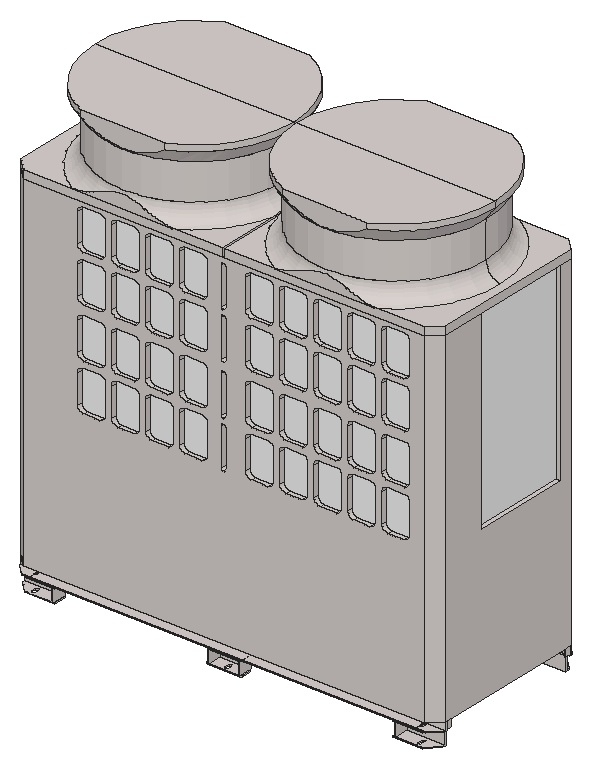
Revit family "PURY-EP500YNW-A1", category 機械設備, Revit 2016 (continued)
Dimensions and locks
  cut or joined group 1 (Extrusion 1, Extrusion 2, Extrusion 3, Extrusion 4, Extrusion 5, Extrusion 6, Extrusion 7, Extrusion 8, Extrusion 9, Extrusion 10, Extrusion 11, Extrusion 12, Extrusion 13, Extrusion 14, Extrusion 15, Extrusion 16, Extrusion 17, Extrusion 18, Extrusion 19, Extrusion 20, Extrusion 21, Extrusion 22, Extrusion 23, Extrusion 24, Extrusion 25, Extrusion 26, Extrusion 27, Extrusion 28, Extrusion 29, Extrusion 30, Extrusion 31, Extrusion 32, Extrusion 33, Extrusion 34, Extrusion 35, Extrusion 36, Extrusion 37, Extrusion 38, Extrusion 39, Extrusion 40, Extrusion 41, Extrusion 42, Extrusion 43, Extrusion 44, Extrusion 45, Extrusion 46, Extrusion 47) to cut or joined group 1 = 50.000 mm
  Extrusion 22 sketch curve to Extrusion 22 sketch curve = 116.800 mm
  Extrusion 22 sketch curve to Extrusion 22 sketch curve = 170.800 mm
  Extrusion 23 sketch curve to Extrusion 23 sketch curve = 116.800 mm
  Extrusion 23 sketch curve to Extrusion 23 sketch curve = 170.800 mm
  Extrusion 24 sketch curve to Extrusion 24 sketch curve = 116.800 mm
  Extrusion 24 sketch curve to Extrusion 24 sketch curve = 170.800 mm
  Extrusion 25 sketch curve to Extrusion 25 sketch curve = 116.800 mm
  Extrusion 25 sketch curve to Extrusion 25 sketch curve = 170.800 mm
  Extrusion 26 sketch curve to Extrusion 26 sketch curve = 116.800 mm
  Extrusion 26 sketch curve to Extrusion 26 sketch curve = 170.800 mm
  Extrusion 27 sketch curve to Extrusion 27 sketch curve = 116.800 mm
  Extrusion 27 sketch curve to Extrusion 27 sketch curve = 170.800 mm
  Extrusion 28 sketch curve to Extrusion 28 sketch curve = 116.800 mm
  Extrusion 28 sketch curve to Extrusion 28 sketch curve = 170.800 mm
  Extrusion 29 sketch curve to Extrusion 29 sketch curve = 116.800 mm
  Extrusion 29 sketch curve to Extrusion 29 sketch curve = 170.800 mm
  Extrusion 30 sketch curve to Extrusion 30 sketch curve = 116.800 mm
  Extrusion 30 sketch curve to Extrusion 30 sketch curve = 170.800 mm
  Extrusion 31 sketch curve to Extrusion 31 sketch curve = 116.800 mm
  Extrusion 31 sketch curve to Extrusion 31 sketch curve = 170.800 mm
  Extrusion 32 sketch curve to Extrusion 32 sketch curve = 116.800 mm
  Extrusion 32 sketch curve to Extrusion 32 sketch curve = 170.800 mm
  Extrusion 33 sketch curve to Extrusion 33 sketch curve = 116.800 mm
  Extrusion 33 sketch curve to Extrusion 33 sketch curve = 170.800 mm
  Extrusion 34 sketch curve to Extrusion 34 sketch curve = 116.800 mm
  Extrusion 34 sketch curve to Extrusion 34 sketch curve = 170.800 mm
  Extrusion 35 sketch curve to Extrusion 35 sketch curve = 116.800 mm
  Extrusion 35 sketch curve to Extrusion 35 sketch curve = 170.800 mm
  Extrusion 36 sketch curve to Extrusion 36 sketch curve = 116.800 mm
  Extrusion 36 sketch curve to Extrusion 36 sketch curve = 170.800 mm
  Extrusion 37 sketch curve to Extrusion 37 sketch curve = 116.800 mm
  Extrusion 37 sketch curve to Extrusion 37 sketch curve = 170.800 mm
  nested 2 to level = 1858.000 mm
  cut or joined group 1 to nested 5 to nested 3 to nested 7 to cut or joined group 1 = 80.000 mm, 795.000 mm, 795.000 mm, 80.000 mm
  cut or joined group 1 to cut or joined group 1 = 740.000 mm
  cut or joined group 1 to curve 7 to curve 5 = 653.000 mm, 150.000 mm
  cut or joined group 1 to curve 4 to curve 6 = 79.000 mm, 94.000 mm
  curve 35 to cut or joined group 1 = 172.000 mm
  curve 34 to cut or joined group 1 = 152.000 mm
  curve 36 to cut or joined group 1 = 216.000 mm
  cut or joined group 1 to curve 35 = 110.000 mm
  cut or joined group 1 to curve 36 = 166.000 mm
  cut or joined group 1 to curve 34 = 185.000 mm
  cut or joined group 1 to curve 16 to curve 18 = 650.000 mm, 148.000 mm
  cut or joined group 1 to curve 24 = 132.000 mm
  cut or joined group 1 to curve 27 = 207.000 mm
  cut or joined group 1 to curve 25 = 256.000 mm
  curve 25 to nested 3 = 90.000 mm
  curve 27 to nested 3 = 125.000 mm
  curve 24 to nested 3 = 110.000 mm
  nested 1 to nested 1 = 740.000 mm
  nested 6 to nested 6 to nested 5 to nested 5 = 60.000 mm, 620.000 mm, 60.000 mm
  nested 3 to nested 3 = 20.000 mm
  nested 3 to plane 6 "front" = 54.000 mm
  nested 4 to nested 3 = 592.000 mm
  nested 4 to nested 4 = 20.000 mm
  plane 5 to nested 4 = 54.000 mm
  Extrusion 46 sketch curve to nested 3 = 116.000 mm
  Extrusion 47 sketch curve to nested 3 = 127.000 mm
  cut or joined group 1 to cut or joined group 1 = 185.000 mm
  cut or joined group 1 to nested 5 = 116.000 mm
  cut or joined group 1 to nested 5 = 127.000 mm
  cut or joined group 1 to plane 11 = 685.000 mm
  cut or joined group 1 to plane 12 = 768.000 mm
  aligned and locked: level to plane 2
  aligned and locked: plane 4 "panel_L" to Extrusion 1
  aligned and locked: Extrusion 1 to plane 5
  aligned and locked: plane 6 "front" to Extrusion 1
  aligned and locked: Extrusion 1 to plane 4 "panel_L"
  aligned and locked: nested 3 to curve 31
Nested families
  nested 1: "FAN GUARD" at (-415, 0, 860), type "FAN GUARD"
    with WIDTH 870.000 mm
  nested 2: "FAN GUARD" at (415, 0, 860) x (-1, 0, 0) z (0, 0, 1), type "FAN GUARD"
    with WIDTH 870.000 mm
  nested 3: "BASE LEG" at (0, -352, 60), type "BASE LEG"
    with Width 1750.000 mm
  nested 4: "BASE LEG" at (0, 352, 60), type "BASE LEG"
    with Width 1750.000 mm
  nested 5: "ATTACHMENT LEG" at (-789, -352, 0), type "ATTACHMENT LEG"
  nested 6: "ATTACHMENT LEG" at (-789, 352, 0), type "ATTACHMENT LEG"
  nested 7: "ATTACHMENT LEG" at (789, -352, 0) x (-1, 0, 0) z (0, 0, 1), type "ATTACHMENT LEG"
  nested 8: "ATTACHMENT LEG" at (789, 352, 0) x (-1, 0, 0) z (0, 0, 1), type "ATTACHMENT LEG"
  nested 9: "ATTACHMENT LEG_XL" at (0, 352, 0) x (-1, 0, 0) z (0, 0, 1), type "ATTACHMENT LEG_XL"
  nested 10: "ATTACHMENT LEG_XL" at (0, -352, 0), type "ATTACHMENT LEG_XL"
Connectors
  electrical at (-233.5, -370, 279), driven by "Phase", driven by "Voltage"
    settings: index 1, voltage 415 V, apparent load 0 VA, apparent load phase1 0 VA, apparent load phase2 0 VA, apparent load phase3 0 VA, power factor 1, load classification "HVAC", number of poles 3, system type 30, power factor state 1, is connector primary yes, connector utility no, sub classification motor no, connector description ""
  piping at (-107, -185, 187), diameter 28.58, driven by "Low pressure pipe_radius"
    settings: on cut or joined group 1, index 2, connector inside diameter 28.58 mm, connector length 0.000 mm, flow factor 0, pipe flow 0.0 L/s, pressure drop 0.0 Pa, fitting loss kfactor 0, connector angle 0.00°, fixture units 0, engagement length 0.000 mm, angle of deflection 0.00°, flow configuration 0, flow direction 0, fitting loss method 0, system type 22, joint type 0, gender type 0, connector reference index -1, connector utility 0, adjustable connector no, is connector primary yes, connector description "Refrigerant service valve <Low pressure>"
  piping at (-190, -185, 176), diameter 22.2, driven by "High pressure pipe_radius"
    settings: on cut or joined group 1, index 3, connector inside diameter 22.2 mm, connector length 0.000 mm, flow factor 0, pipe flow 0.0 L/s, pressure drop 0.0 Pa, fitting loss kfactor 0, connector angle 0.00°, fixture units 0, engagement length 0.000 mm, angle of deflection 0.00°, flow configuration 0, flow direction 0, fitting loss method 0, system type 22, joint type 0, gender type 0, connector reference index -1, connector utility 0, adjustable connector no, is connector primary no, connector description "Refrigerant service valve <High pressure>"
Definition of nested family "FAN GUARD"
  Parameters
    WIDTH [instance] = 870.000 mm
  Reference planes
    plane 1 "中心(正面/背面)": y = 0
    plane 2: z = 0
    plane 3 "中心(左/右)": x = 0
    plane 4 "ファンガード基準面": z = 661
    plane 5: y = 370
    plane 6: y = -370
    plane 7: x = 410
    plane 8: x = -460
    plane 9 "ファンガード基準上面": z = 695
    plane 10 "ファンガード上面": z = 998
    plane 11: x = 410
    plane 12: x = -460
  Forms (mm)
    Extrusion 1, solid
      sketch origin (0, 0, 661) x (-1, 0, 0) y (0, -1, 0)
        loop
          line (410, -370) -> (460, -320) -> (460, 320) -> (410, 370) -> (-410, 370) -> (-410, -370) -> (410, -370)
      from 0 to 34
    Revolve 2, solid
      sketch origin (0, 0, 0) x (1, 0, 0) y (0, 0, 1)
        loop
          line (0, 695) -> (0, 998) -> (-408.829, 998) -> (-408.829, 972.327) -> (-368.829, 915.201) -> (-368.829, 765.141)
          arc (-368.829, 765.141) -> (-384.109, 720.678) -> (-423.494, 695) r 72.332
          line (-423.494, 695) -> (0, 695)
        axis (0, 998) -> (0, 695)
      angle from 0 to 360
    Extrusion 3, void
      sketch origin (0, 0, 695) x (-1, 0, 0) y (0, -1, 0)
        loop
          line (345, -370) -> (-345, -370) -> (-345, -545) -> (345, -545) -> (345, -370)
        loop
          line (345, 370) -> (345, 539.592) -> (-345, 539.592) -> (-345, 370) -> (345, 370)
      from 0 to 400
    Extrusion 4, void
      sketch origin (0, 0, 695) x (-1, 0, 0) y (0, -1, 0)
        loop
          line (-410, -160) -> (-410, 160) -> (-450, 160) -> (-450, -160) -> (-410, -160)
      from 0 to 250
  Cuts and joins
    Extrusion 3, Extrusion 4 cuts Revolve 2
  Lines and regions (mm)
    model lines
      curve 1: line (-408.829, 0, 998) -> (-80, 0, 998)
      curve 2: line (80, 0, 998) -> (408.829, 0, 998)
      curve 3: circle (0, 0, 998) r 80 normal (0, 0, 1)
      curve 4: line (-400, -80, 998) -> (400.925, -80, 998)
      curve 5: line (-376.219, -160, 998) -> (376.219, -160, 998)
      curve 6: line (-330.97, -240, 998) -> (330.97, -240, 998)
      curve 7: line (-254.442, -320, 998) -> (254.442, -320, 998)
      curve 8: line (-400.925, 80, 998) -> (400.925, 80, 998)
      curve 9: line (-376.219, 160, 998) -> (376.219, 160, 998)
      curve 10: line (-330.97, 240, 998) -> (330.97, 240, 998)
      curve 11: line (-254.442, 320, 998) -> (254.442, 320, 998)
      curve 12: line (0, 370, 998) -> (0, -370, 998)
      curve 13: line (-20, 370, 998) -> (-20, -370, 998)
      curve 14: line (-40, 370, 998) -> (-40, -370, 998)
      curve 15: line (-60, 370, 998) -> (-60, -370, 998)
      curve 16: line (-80, 370, 998) -> (-80, -370, 998)
      curve 17: line (20, 370, 998) -> (20, -370, 998)
      curve 18: line (40, 370, 998) -> (40, -370, 998)
      curve 19: line (60, 370, 998) -> (60, -370, 998)
      curve 20: line (80, 370, 998) -> (80, -370, 998)
      curve 21: line (100, 370, 998) -> (100, -370, 998)
      curve 22: line (120, 370, 998) -> (120, -370, 998)
      curve 23: line (140, 370, 998) -> (140, -370, 998)
      curve 24: line (160, 370, 998) -> (160, -370, 998)
      curve 25: line (180, 367.071, 998) -> (180, -367.071, 998)
      curve 26: line (200, 356.568, 998) -> (200, -356.568, 998)
      curve 27: line (220, 344.588, 998) -> (220, -344.588, 998)
      curve 28: line (240, 330.97, 998) -> (240, -330.97, 998)
      curve 29: line (260, 315.501, 998) -> (260, -315.501, 998)
      curve 30: line (280, 297.894, 998) -> (280, -297.894, 998)
      curve 31: line (300, 277.743, 998) -> (300, -277.743, 998)
      curve 32: line (320, 254.442, 998) -> (320, -254.442, 998)
      curve 33: line (340, 227.026, 998) -> (340, -227.026, 998)
      curve 34: line (360, 193.755, 998) -> (360, -193.755, 998)
      curve 35: line (380, 150.801, 998) -> (380, -150.801, 998)
      curve 36: line (400, 84.504, 998) -> (400, -84.504, 998)
      curve 37: line (-100, 370, 998) -> (-100, -370, 998)
      curve 38: line (-120, 370, 998) -> (-120, -370, 998)
      curve 39: line (-140, 370, 998) -> (-140, -370, 998)
      curve 40: line (-160, 370, 998) -> (-160, -370, 998)
      curve 41: line (-180, 367.071, 998) -> (-180, -367.071, 998)
      curve 42: line (-200, 356.568, 998) -> (-200, -356.568, 998)
      curve 43: line (-220, 344.588, 998) -> (-220, -344.588, 998)
      curve 44: line (-240, 330.97, 998) -> (-240, -330.97, 998)
      curve 45: line (-260, 315.501, 998) -> (-260, -315.501, 998)
      curve 46: line (-280, 297.894, 998) -> (-280, -297.894, 998)
      curve 47: line (-300, 277.743, 998) -> (-300, -277.743, 998)
      curve 48: line (-320, 254.442, 998) -> (-320, -254.442, 998)
      curve 49: line (-340, 227.026, 998) -> (-340, -227.026, 998)
      curve 50: line (-360, 193.755, 998) -> (-360, -193.755, 998)
      curve 51: line (-380, 150.801, 998) -> (-380, -150.801, 998)
      curve 52: line (-400, 84.504, 998) -> (-400, -84.504, 998)
      curve 53: line (10, 79.373, 998) -> (10, -79.373, 998)
      curve 54: line (-10, 79.373, 998) -> (-10, -79.373, 998)
      curve 55: line (30, 74.162, 998) -> (30, -74.162, 998)
      curve 56: line (50, 62.45, 998) -> (50, -62.45, 998)
      curve 57: line (70, 38.73, 998) -> (70, -38.73, 998)
      curve 58: line (-30, 74.162, 998) -> (-30, -74.162, 998)
      curve 59: line (-50, 62.45, 998) -> (-50, -62.45, 998)
      curve 60: line (-70, 38.73, 998) -> (-70, -38.73, 998)
  Dimensions and locks
    "WIDTH": plane 8 to plane 7
    locked: plane 6 to plane 5 at 740
    plane 8 to plane 3 "中心(左/右)" to plane 7 = 460.000 mm, 410.000 mm
    equal spacing: plane 6, plane 1 "中心(正面/背面)", plane 5
    plane 3 "中心(左/右)" to Revolve 2 sketch curve = 408.829 mm
    locked: plane 10 "ファンガード上面" to plane 9 "ファンガード基準上面" at 303
    locked: plane 12 to plane 11 at 870
    locked: plane 3 "中心(左/右)" to plane 11 at 410
    locked: plane 12 to plane 3 "中心(左/右)" at 460
    plane 9 "ファンガード基準上面" to plane 4 "ファンガード基準面" = 34.000 mm
    aligned and locked: level to plane 2
    aligned and locked: plane 5 to Extrusion 1 sketch curve
    aligned and locked: Extrusion 1 sketch curve to plane 6
    aligned and locked: plane 8 to Extrusion 1 sketch curve
    aligned and locked: plane 7 to Extrusion 1 sketch curve
    aligned and locked: plane 9 "ファンガード基準上面" to Extrusion 1
    aligned and locked: plane 4 "ファンガード基準面" to Extrusion 1
    aligned and locked: plane 9 "ファンガード基準上面" to Revolve 2 sketch curve
    aligned and locked: Revolve 2 sketch curve to plane 3 "中心(左/右)"
    aligned and locked: cut or joined group of Revolve 2, Extrusion 3, Extrusion 4 to plane 10 "ファンガード上面"
    aligned and locked: plane 11 to Extrusion 1
    aligned and locked: Extrusion 1 to plane 12
  Automatic sketch dimensions
    plane 8 to Extrusion 1 sketch curve = 50.000 mm  (x2)
    plane 5 to Extrusion 1 sketch curve = 50.000 mm
    Extrusion 1 sketch curve to plane 6 = 50.000 mm
    plane 3 "中心(左/右)" to Extrusion 3 sketch curve = 345.000 mm  (x2)
    Extrusion 3 sketch curve to plane 3 "中心(左/右)" = 345.000 mm  (x2)
    Extrusion 3 sketch curve to Extrusion 3 sketch curve = 175.000 mm
    Extrusion 3 sketch curve to Extrusion 3 sketch curve = 169.592 mm
    plane 1 "中心(正面/背面)" to curve 2 = 0.000 mm
    plane 1 "中心(正面/背面)" to curve 3 = 0.000 mm
    curve 3 to plane 3 "中心(左/右)" = 0.000 mm
    curve 12 to plane 3 "中心(左/右)" = 0.000 mm
    plane 1 "中心(正面/背面)" to curve 1 = 0.000 mm
    plane 3 "中心(左/右)" to curve 53 = 10.000 mm
    curve 17 to curve 12 = 20.000 mm
    curve 55 to curve 53 = 20.000 mm
    curve 18 to curve 17 = 20.000 mm
    curve 56 to curve 55 = 20.000 mm
    curve 19 to curve 18 = 20.000 mm
    curve 57 to curve 56 = 20.000 mm
    curve 20 to curve 19 = 20.000 mm
    curve 2 to curve 57 = 10.000 mm
    curve 21 to curve 20 = 20.000 mm
    curve 22 to curve 21 = 20.000 mm
    curve 23 to curve 22 = 20.000 mm
    curve 24 to curve 23 = 20.000 mm
    curve 25 to curve 24 = 20.000 mm
    curve 26 to curve 25 = 20.000 mm
    curve 27 to curve 26 = 20.000 mm
    curve 28 to curve 27 = 20.000 mm
    curve 29 to curve 28 = 20.000 mm
    curve 29 to curve 11 = 5.558 mm
    curve 29 to curve 7 = 5.558 mm
    curve 30 to curve 7 = 25.558 mm
    curve 31 to curve 30 = 20.000 mm
    curve 32 to curve 31 = 20.000 mm
    curve 33 to curve 32 = 20.000 mm
    curve 33 to curve 6 = 9.030 mm
    curve 33 to curve 10 = 9.030 mm
    curve 34 to curve 10 = 29.030 mm
    curve 35 to curve 34 = 20.000 mm
    curve 35 to curve 9 = 3.781 mm
    curve 35 to curve 5 = 3.781 mm
    curve 36 to curve 9 = 23.781 mm
    curve 8 to curve 36 = 0.925 mm
    curve 4 to curve 36 = 0.925 mm
    curve 54 to plane 3 "中心(左/右)" = 10.000 mm
    curve 13 to plane 3 "中心(左/右)" = 20.000 mm
    curve 54 to curve 58 = 20.000 mm
    curve 13 to curve 14 = 20.000 mm
    curve 58 to curve 59 = 20.000 mm
    curve 14 to curve 15 = 20.000 mm
    curve 59 to curve 60 = 20.000 mm
    curve 15 to curve 16 = 20.000 mm
    curve 16 to curve 37 = 20.000 mm
    curve 37 to curve 38 = 20.000 mm
    curve 38 to curve 39 = 20.000 mm
    curve 39 to curve 40 = 20.000 mm
    curve 40 to curve 41 = 20.000 mm
    curve 41 to curve 42 = 20.000 mm
    curve 42 to curve 43 = 20.000 mm
    curve 43 to curve 44 = 20.000 mm
    curve 44 to curve 45 = 20.000 mm
    curve 7 to curve 45 = 5.558 mm
    curve 11 to curve 45 = 5.558 mm
    curve 7 to curve 46 = 25.558 mm
    curve 46 to curve 47 = 20.000 mm
    curve 47 to curve 48 = 20.000 mm
    curve 48 to curve 49 = 20.000 mm
    curve 6 to curve 49 = 9.030 mm
    curve 10 to curve 49 = 9.030 mm
    curve 10 to curve 50 = 29.030 mm
    curve 50 to curve 51 = 20.000 mm
    curve 9 to curve 51 = 3.781 mm
    curve 5 to curve 51 = 3.781 mm
    curve 5 to curve 52 = 23.781 mm
    curve 52 to curve 8 = 0.925 mm
    curve 8 to plane 1 "中心(正面/背面)" = 80.000 mm
    curve 36 to curve 8 = 4.504 mm
    curve 52 to curve 8 = 4.504 mm
    curve 9 to curve 36 = 75.496 mm
    curve 9 to curve 51 = 9.199 mm
    curve 9 to curve 35 = 9.199 mm
    curve 50 to curve 51 = 42.954 mm
    curve 34 to curve 35 = 42.954 mm
    curve 10 to curve 50 = 46.245 mm
    curve 10 to curve 33 = 12.974 mm
    curve 10 to curve 49 = 12.974 mm
    curve 48 to curve 49 = 27.416 mm
    curve 32 to curve 33 = 27.416 mm
    curve 47 to curve 48 = 23.300 mm
    curve 31 to curve 32 = 23.300 mm
    curve 46 to curve 47 = 20.152 mm
    curve 30 to curve 31 = 20.152 mm
    curve 11 to curve 30 = 22.106 mm
    curve 11 to curve 29 = 4.499 mm
    curve 11 to curve 45 = 4.499 mm
    curve 28 to curve 29 = 15.469 mm
    curve 44 to curve 45 = 15.469 mm
    curve 43 to curve 44 = 13.618 mm
    curve 27 to curve 28 = 13.618 mm
    curve 12 to curve 27 = 25.412 mm
    curve 12 to curve 21 = 0.000 mm
    curve 13 to curve 12 = 0.000 mm
    curve 14 to curve 13 = 0.000 mm  (x2)
    curve 12 to curve 18 = 0.000 mm
    curve 21 to curve 23 = 0.000 mm
    curve 42 to curve 43 = 11.980 mm
    curve 23 to curve 24 = 0.000 mm  (x2)
    curve 41 to curve 42 = 10.502 mm
    curve 24 to curve 25 = 2.929 mm
    curve 40 to curve 41 = 2.929 mm
    curve 25 to curve 26 = 10.502 mm
    curve 40 to curve 39 = 0.000 mm  (x2)
    curve 20 to curve 21 = 0.000 mm  (x2)
    curve 39 to curve 38 = 0.000 mm  (x2)
    curve 15 to curve 14 = 0.000 mm
    curve 38 to curve 37 = 0.000 mm
    curve 37 to curve 16 = 0.000 mm  (x2)
    curve 18 to curve 19 = 0.000 mm  (x2)
    curve 12 to curve 17 = 0.000 mm  (x2)
    curve 21 to curve 22 = 0.000 mm  (x2)
    curve 4 to curve 36 = 4.504 mm
    curve 4 to curve 52 = 4.504 mm
    curve 36 to curve 5 = 75.496 mm
    curve 51 to curve 5 = 9.199 mm
    curve 35 to curve 5 = 9.199 mm
    curve 35 to curve 34 = 42.954 mm
    curve 51 to curve 50 = 42.954 mm
    curve 50 to curve 6 = 46.245 mm
    curve 49 to curve 6 = 12.974 mm
    curve 33 to curve 6 = 12.974 mm
    curve 49 to curve 48 = 27.416 mm
    curve 33 to curve 32 = 27.416 mm
    curve 48 to curve 47 = 23.300 mm
    curve 32 to curve 31 = 23.300 mm
    curve 47 to curve 46 = 20.152 mm
    curve 31 to curve 30 = 20.152 mm
    curve 30 to curve 7 = 22.106 mm
    curve 45 to curve 7 = 4.499 mm
    curve 29 to curve 7 = 4.499 mm
    curve 29 to curve 28 = 15.469 mm
    curve 45 to curve 44 = 15.469 mm
    curve 44 to curve 43 = 13.618 mm
    curve 28 to curve 27 = 13.618 mm
    curve 43 to curve 13 = 25.412 mm
    curve 27 to curve 23 = 25.412 mm
    curve 15 to curve 13 = 0.000 mm
    curve 43 to curve 41 = 22.483 mm
    curve 42 to curve 41 = 10.502 mm
    curve 16 to curve 15 = 0.000 mm
    curve 41 to curve 40 = 2.929 mm
    curve 25 to curve 24 = 2.929 mm
    curve 26 to curve 25 = 10.502 mm
    curve 22 to curve 23 = 0.000 mm
    curve 13 to curve 17 = 0.000 mm
    curve 17 to curve 19 = 0.000 mm
    Revolve 2 sketch curve to plane 10 "ファンガード上面" = 0.000 mm
    Revolve 2 sketch curve to plane 3 "中心(左/右)" = 0.000 mm
    Revolve 2 sketch curve to Revolve 2 sketch curve = 14.665 mm
    Revolve 2 sketch curve to Revolve 2 sketch curve = 17.668 mm
    Revolve 2 sketch curve to plane 10 "ファンガード上面" = 82.799 mm
    Revolve 2 sketch curve to Revolve 2 sketch curve = 40.000 mm
    Revolve 2 sketch curve to level = 1700.815 mm
    Revolve 2 sketch curve to plane 10 "ファンガード上面" = 25.673 mm
    Revolve 2 sketch curve to Revolve 2 sketch curve = 790.769 mm
    curve 4 to curve 1 = 8.829 mm
    curve 2 to curve 4 = 7.904 mm
    plane 1 "中心(正面/背面)" to curve 4 = 80.000 mm
    Extrusion 4 sketch curve to plane 1 "中心(正面/背面)" = 160.000 mm
    plane 3 "中心(左/右)" to Extrusion 4 sketch curve = 450.000 mm
    Extrusion 4 sketch curve to Extrusion 4 sketch curve = 40.000 mm
    plane 1 "中心(正面/背面)" to Extrusion 4 sketch curve = 160.000 mm
    Extrusion 3 sketch curve to plane 1 "中心(正面/背面)" = 545.000 mm
    plane 1 "中心(正面/背面)" to Extrusion 3 sketch curve = 370.000 mm
Definition of nested family "BASE LEG"
  Parameters
    Width [instance] = 920.000 mm
  Reference planes
    plane 1 "中心(正面/背面)": y = 0
    plane 2: z = 0
    plane 3 "中心(左/右)": x = 0
    plane 4: x = 460
    plane 5: x = -460
    plane 6: x = -380
    plane 7: x = 380
    plane 8: y = -18
    plane 9: y = 39
    plane 10: z = 53
    plane 11: y = 42
    plane 12: y = 27
    plane 13: x = 415
    plane 14: x = -415
    plane 15: z = 8
    plane 16: y = 11.5
    plane 17: z = 35
  Forms (mm)
    Extrusion 1, solid
      sketch origin (0, 0, 0) x (0, 1, 0) y (0, 0, 1)
        loop
          line (-18, 0) -> (36, 0) -> (36, 32) -> (56, 32) -> (56, 35) -> (33, 35) -> (33, 3) -> (-18, 3) -> (-18, 0)
      from -460 to 460
    Extrusion 2, void
      sketch origin (0, 0, 0) x (1, 0, 0) y (0, 1, 0)
        loop
          line (415, -18) -> (460, -18) -> (460, 27) -> (415, -18)
        loop
          line (-415, -18) -> (-460, 27) -> (-460, -18) -> (-415, -18)
      from 0 to 250
    Extrusion 3, void
      sketch origin (0, 12.023, 0) x (1, 0, 0) y (0, 1, 0)
        loop
          arc (373, -2.971) -> (380, -9.971) -> (387, -2.971) r 7
          line (387, -2.971) -> (387, 3.023)
          arc (387, 3.023) -> (380, 10.023) -> (373, 3.023) r 7
          line (373, 3.023) -> (373, -2.971)
        loop
          line (-373, -2.971) -> (-373, 3.023)
          arc (-373, 3.023) -> (-380, 10.023) -> (-387, 3.023) r 7
          line (-387, 3.023) -> (-387, -2.971)
          arc (-387, -2.971) -> (-380, -9.971) -> (-373, -2.971) r 7
      from 0 to 250
    Extrusion 4, solid
      sketch origin (0, 0, -3) x (1, 0, 0) y (0, 0, 1)
        loop
          line (457, 8) -> (460, 8) -> (460, 35) -> (457, 35) -> (457, 8)
        loop
          line (-457, 8) -> (-457, 35) -> (-460, 35) -> (-460, 8) -> (-457, 8)
      from -36 to -56
    Extrusion 5, solid
      sketch origin (150, 352, 0) x (1, 0, 0) y (0, 1, 0)
        loop
          line (310, -319) -> (305, -319) -> (305, -320) -> (255, -370) -> (260, -370) -> (310, -320) -> (310, -319)
      from 3 to 35
    Extrusion 6, void
      sketch origin (410, -18, 0) x (0.707107, 0.707107, 0) y (0, 0, 1)
        loop
          line (70.711, 3) -> (-6.741, 39.767) -> (-6.741, 3) -> (70.711, 3)
      from -190.256 to 23.776
    Extrusion 7, solid
      sketch origin (-150, 352, 0) x (-1, 0, 0) y (0, -1, 0)
        loop
          line (310, 319) -> (310, 320) -> (260, 370) -> (255, 370) -> (305, 320) -> (305, 319) -> (310, 319)
      from 3 to 35
    Extrusion 8, void
      sketch origin (-410, -18, 0) x (0.707107, -0.707107, 0) y (0, 0, -1)
        loop
          line (-70.711, -3) -> (0, -35) -> (6.741, -35) -> (6.741, -3) -> (-70.711, -3)
      from -190.256 to 23.776
  Cuts and joins
    Extrusion 2, Extrusion 3 cuts Extrusion 1
    joined: Extrusion 1, Extrusion 4
    Extrusion 8 cuts Extrusion 7
    Extrusion 6 cuts Extrusion 5
  Dimensions and locks
    "Width": plane 5 to plane 4
    equal spacing: plane 5, plane 3 "中心(左/右)", plane 4
    locked: plane 5 to plane 6 at 80
    locked: plane 7 to plane 4 at 80
    locked: plane 8 to plane 9 at 57
    locked: plane 10 to level at 53
    locked: plane 9 to plane 11 at 3
    plane 8 to plane 12 = 45.000 mm
    locked: plane 13 to plane 4 at 45
    locked: plane 5 to plane 14 at 45
    equal spacing: Extrusion 3 sketch curve, plane 7, Extrusion 3 sketch curve
    equal spacing: Extrusion 3 sketch curve, plane 6, Extrusion 3 sketch curve
    locked: plane 10 to plane 15 at 45
    locked: cut or joined group of Extrusion 1, Extrusion 2, Extrusion 3, Extrusion 4 to Extrusion 4 sketch curve at 3  (x2)
    locked: plane 8 to plane 16 at 29.5
    plane 8 to plane 11 = 60.000 mm
    cut or joined group of Extrusion 1, Extrusion 2, Extrusion 3, Extrusion 4 to cut or joined group of Extrusion 1, Extrusion 2, Extrusion 3, Extrusion 4 = 35.000 mm
    aligned and locked: level to plane 2
    aligned and locked: plane 8 to Extrusion 1 sketch curve
    aligned and locked: plane 4 to Extrusion 1
    aligned and locked: Extrusion 1 to plane 5
    aligned and locked: Extrusion 2 sketch curve to plane 4
    aligned and locked: Extrusion 2 sketch curve to plane 8
    aligned and locked: plane 12 to Extrusion 2 sketch curve
    aligned and locked: plane 13 to Extrusion 2 sketch curve
    aligned and locked: plane 4 to Extrusion 4 sketch curve
    aligned and locked: plane 5 to Extrusion 4 sketch curve
    aligned and locked: cut or joined group of Extrusion 7, Extrusion 8 to cut or joined group of Extrusion 1, Extrusion 2, Extrusion 3, Extrusion 4
  Automatic sketch dimensions
    Extrusion 3 sketch curve to plane 1 "中心(正面/背面)" = 9.052 mm  (x2)
    Extrusion 3 sketch curve to plane 7 = 7.000 mm
    Extrusion 3 sketch curve to plane 1 "中心(正面/背面)" = 15.046 mm  (x2)
    Extrusion 3 sketch curve to plane 6 = 7.000 mm
    Extrusion 2 sketch curve to plane 5 = 0.000 mm
    plane 8 to Extrusion 2 sketch curve = 0.000 mm
    Extrusion 2 sketch curve to plane 14 = 0.000 mm
    plane 12 to Extrusion 2 sketch curve = 0.000 mm
    Extrusion 4 sketch curve to plane 10 = 21.000 mm
    plane 7 to Extrusion 5 sketch curve = 25.000 mm
    Extrusion 5 sketch curve to Extrusion 5 sketch curve = 5.000 mm  (x2)
    plane 7 to Extrusion 5 sketch curve = 75.000 mm
    plane 8 to Extrusion 5 sketch curve = 0.000 mm
    Extrusion 5 sketch curve to Extrusion 5 sketch curve = 50.000 mm
    Extrusion 5 sketch curve to Extrusion 5 sketch curve = 0.000 mm
    Extrusion 5 sketch curve to Extrusion 5 sketch curve = 1.000 mm
    Extrusion 6 sketch curve to Extrusion 5 = 0.000 mm  (x2)
    Extrusion 6 sketch curve to Extrusion 5 = 6.741 mm
    Extrusion 6 sketch curve to Extrusion 5 = 4.767 mm
    plane 6 to Extrusion 7 sketch curve = 25.000 mm
    Extrusion 7 sketch curve to Extrusion 7 sketch curve = 5.000 mm  (x2)
    Extrusion 7 sketch curve to Extrusion 7 sketch curve = 45.000 mm
    Extrusion 7 sketch curve to plane 8 = 0.000 mm
    Extrusion 7 sketch curve to Extrusion 7 sketch curve = 50.000 mm
    Extrusion 7 sketch curve to Extrusion 7 sketch curve = 0.000 mm
    Extrusion 7 sketch curve to Extrusion 7 sketch curve = 1.000 mm
    Extrusion 8 sketch curve to Extrusion 7 = 0.000 mm  (x2)
    Extrusion 7 to Extrusion 8 sketch curve = 0.000 mm  (x2)
    Extrusion 7 to Extrusion 8 sketch curve = 6.741 mm
    Extrusion 4 sketch curve to plane 17 = 3.000 mm
    Extrusion 4 sketch curve to plane 15 = 3.000 mm  (x2)
    Extrusion 1 sketch curve to plane 17 = 0.000 mm
    Extrusion 1 sketch curve to level = 0.000 mm
    level to Extrusion 1 sketch curve = 3.000 mm
    plane 9 to Extrusion 1 sketch curve = 6.000 mm
    plane 9 to Extrusion 1 sketch curve = 3.000 mm
    Extrusion 1 sketch curve to plane 17 = 3.000 mm
    Extrusion 1 sketch curve to plane 11 = 14.000 mm
Definition of nested family "ATTACHMENT LEG"
  Parameters
    Width = 145.000 mm
  Reference planes
    plane 1: z = 0
    plane 2 "中心(左/右)": x = -6
    plane 3: x = -52
    plane 4: x = 85
    plane 5: x = 93
    plane 6: y = -18
    plane 7: y = 27
    plane 8: x = -30
    plane 9: y = 42
    plane 10: z = 60
    plane 11: z = 57
    plane 12: z = 3
    plane 13: x = 82
    plane 14: y = 39
    plane 15: x = -75
    plane 16: y = 32
    plane 17 "幅": x = 93
    plane 18: y = 5.5
    plane 19: y = 21
    plane 20: y = -10
  Forms (mm)
    Extrusion 1, solid
      sketch origin (0, 0, 0) x (1, 0, 0) y (0, 1, 0)
        loop
          line (-75, 42) -> (-75, 27) -> (-30, -18) -> (93, -18) -> (93, 32) -> (85, 32) -> (85, 42) -> (-75, 42)
      from 0 to 60
    Extrusion 2, void
      sketch origin (0, 0, 0) x (1, 0, 0) y (0, 0, 1)
        loop
          line (-75, 57) -> (-75, 3) -> (82, 3) -> (82, 57) -> (-75, 57)
        loop
          line (93, 57) -> (85, 57) -> (85, 3) -> (93, 3) -> (93, 57)
      from -39 to 18
    Extrusion 3, void
      sketch origin (-6, 5.5, 0) x (1, 0, 0) y (0, 1, 0)
        loop
          arc (-7, -8.5) -> (0, -15.5) -> (7, -8.5) r 7
          line (7, -8.5) -> (7, 8.5)
          arc (7, 8.5) -> (0, 15.5) -> (-7, 8.5) r 7
          line (-7, 8.5) -> (-7, -8.5)
      from 0 to 60
  Cuts and joins
    Extrusion 2, Extrusion 3 cuts Extrusion 1
  Dimensions and locks
    locked: plane 3 to plane 4 at 137
    locked: plane 3 to plane 5 at 145
    plane 6 to plane 7 = 45.000 mm
    locked: plane 6 to plane 9 at 60
    locked: plane 10 to level at 60
    Extrusion 3 sketch curve to plane 2 "中心(左/右)" = 7.000 mm
    locked: plane 15 to plane 2 "中心(左/右)" at 69
    locked: plane 15 to plane 8 at 45
    locked: plane 6 to plane 18 at 23.5
    cut or joined group of Extrusion 1, Extrusion 2, Extrusion 3 to cut or joined group of Extrusion 1, Extrusion 2, Extrusion 3 = 168.000 mm
    aligned and locked: level to plane 1
    aligned and locked: plane 9 to Extrusion 1 sketch curve
    aligned and locked: Extrusion 1 sketch curve to plane 4
    aligned and locked: Extrusion 1 sketch curve to plane 5
    aligned and locked: Extrusion 1 sketch curve to plane 6
    aligned: plane 8 to Extrusion 1 sketch curve
    aligned and locked: plane 10 to Extrusion 1
    aligned and locked: Extrusion 2 sketch curve to plane 11
    aligned: plane 3 to Extrusion 2 sketch curve
    aligned and locked: plane 12 to Extrusion 2 sketch curve
    aligned and locked: Extrusion 2 sketch curve to plane 13
    aligned and locked: plane 6 to Extrusion 2
    aligned and locked: Extrusion 2 to plane 14
    aligned and locked: plane 11 to Extrusion 2 sketch curve
    aligned and locked: plane 5 to Extrusion 2 sketch curve
    aligned and locked: Extrusion 2 sketch curve to plane 12
    aligned and locked: Extrusion 2 sketch curve to plane 4
    aligned and locked: plane 15 to Extrusion 1 sketch curve
    aligned and locked: plane 8 to Extrusion 1 sketch curve
    aligned and locked: Extrusion 2 sketch curve to cut or joined group of Extrusion 1, Extrusion 2, Extrusion 3
    aligned and locked: Extrusion 1 to plane 16
Definition of nested family "ATTACHMENT LEG_XL"
  Parameters
    Width = 145.000 mm
  Reference planes
    plane 1: z = 0
    plane 2 "中心(左/右)": x = 0
    plane 3: x = -72.5
    plane 4: x = 72.5
    plane 5: y = -18
    plane 6: y = 42
    plane 7: z = 60
    plane 8: z = 57
    plane 9: z = 3
    plane 10: y = 5.5
  Forms (mm)
    Extrusion 1, solid
      sketch origin (0, 0, 0) x (1, 0, 0) y (0, 1, 0)
        loop
          line (-72.5, 42) -> (-72.5, -18) -> (72.5, -18) -> (72.5, 42) -> (-72.5, 42)
      from 0 to 60
    Extrusion 2, void
      sketch origin (67.561, -18, 0) x (1, 0, 0) y (0, 0, -1)
        loop
          line (-140.061, -57) -> (-132.061, -57) -> (-132.061, -3) -> (-140.061, -3) -> (-140.061, -57)
        loop
          line (4.939, -57) -> (4.939, -3) -> (-3.061, -3) -> (-3.061, -57) -> (4.939, -57)
      from 0 to 60
    Extrusion 3, void
      sketch origin (67.561, -18, 0) x (1, 0, 0) y (0, 0, -1)
        loop
          line (-129.061, -3) -> (-129.061, -57) -> (-6.061, -57) -> (-6.061, -3) -> (-129.061, -3)
      from 0 to 57
    Extrusion 4, void
      sketch origin (0, 0, 0) x (1, 0, 0) y (0, 1, 0)
        loop
          line (-7, 14) -> (-7, -3.029)
          arc (-7, -3.029) -> (0, -10.029) -> (7, -3.029) r 7
          line (7, -3.029) -> (7, 14)
          arc (7, 14) -> (0, 21) -> (-7, 14) r 7
      from 0 to 3
    Extrusion 5, void
      sketch origin (0, 0, 60) x (0, 1, 0) y (1, 0, 0)
        loop
          line (32, 67.5) -> (32, 64.5) -> (42, 64.5) -> (42, 72.5) -> (27, 72.5) -> (32, 67.5)
        loop
          line (-13, 72.5) -> (-18, 72.5) -> (-18, 67.5) -> (-13, 72.5)
        loop
          line (32, -67.5) -> (27, -72.5) -> (42, -72.5) -> (42, -64.5) -> (32, -64.5) -> (32, -67.5)
        loop
          line (-13, -72.5) -> (-18, -67.5) -> (-18, -72.5) -> (-13, -72.5)
      from 0 to 60
  Cuts and joins
    Extrusion 2, Extrusion 3, Extrusion 4, Extrusion 5 cuts Extrusion 1
  Dimensions and locks
    locked: plane 3 to plane 4 at 145
    locked: plane 5 to plane 6 at 60
    locked: plane 7 to level at 60
    aligned and locked: level to plane 1
    aligned and locked: plane 7 to Extrusion 1
Types (6, lengths in mm): name | Voltage | ReplacementYear | InstallationDate | Hertz | Heating Rated Load Ampacity (A) | Heating Current Input (Nominal) (A) | Heating Current Input (A) | Cooling Rated Load Ampacity (A) | Cooling Current Input (A) | Category | Barcode | AssetIdentifier
  PURY-EP500YNW-A1_380V_50Hz | 380 V | "" | "" | 50 Hz | 29.2 | 24.2 | 29.2 | 30.5 | 30.5 | "" | "" | ""
  PURY-EP500YNW-A1_380V_60Hz | 380 V | "0" | "0" | 60 Hz | 29.2 | 24.2 | 29.2 | 30.5 | 30.5 | "0" | "0" | "0"
  PURY-EP500YNW-A1_400V_50Hz | 400 V | "0" | "0" | 50 Hz | 27.8 | 23 | 27.8 | 29 | 29 | "0" | "0" | "0"
  PURY-EP500YNW-A1_400V_60Hz | 400 V | "0" | "0" | 60 Hz | 27.8 | 23 | 27.8 | 29 | 29 | "0" | "0" | "0"
  PURY-EP500YNW-A1_415V_50Hz | 415 V | "0" | "0" | 50 Hz | 26.8 | 22.1 | 26.8 | 28 | 28 | "0" | "0" | "0"
  PURY-EP500YNW-A1_415V_60Hz | 415 V | "0" | "0" | 60 Hz | 26.8 | 22.1 | 26.8 | 28 | 28 | "0" | "0" | "0"
